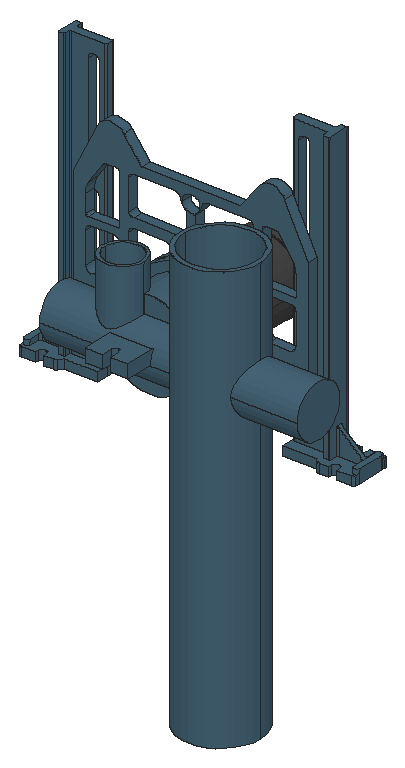
Revit family "Carrier_Closet_Offset_Vertical-Zurn-Z1209N", category Plumbing Fixtures, Revit 2022
Family settings
  Round Connector Dimension = Use Radius
  Part Type = Normal
  OmniClass Number = 23.45.55.11
  OmniClass Title = Sanitary Components
  Work Plane-Based = No
  Always vertical = Yes
  Cut with Voids When Loaded = No
  Maintain Annotation Orientation = No
  Shared = No
  Room Calculation Point = No
Parameters (values of type "Z1209-NR4")
  Width = 18.875"
  Waste Connection = 1 = 1  # yes
  WFU = 1  # constant formula
  Vertical Offset Pipe_NR4 = yes
  Vertical Offset Pipe_NL4 = no
  Vent_NR4 = yes
  Vent_NL4 = no
  Vent Pipe Radius (Nominal) = 1.000"
  Vent Connection = 1 = 0  # no
  URL = "www.zurn.com"
  Type Comments = ""
  Rough_in Height [instance] = if(Enter_Rough_in Height > 9.500", 9.500", if(Enter_Rough_in Height < 4.500", 4.500", Enter_Rough_in Height))  # 5.000"
  Product data url = "https://www.bimobject.com/en/zurnindustries/product/zurn-z1209"
  Product Page URL = "https://www.zurn.com/products/drainage-interceptors/carriers-fixture-supports/water-closet-toilet-carriers/z1209"
  Product Installation Sheet URL = "https://files.zurn.com/care-cleaning-install-warranty-sheets/c17.pdf"
  Product Documentation Link = "https://files.zurn.com/spec-sheets/z1209-n.pdf"
  Outlet Pipe Radius (Outer) = 2.250"
  Outlet Pipe Radius (Nominal) = 2.000"
  Outlet Pipe Radius (Inside) = 2.013"
  Modified Date = "11/07/2025"  # constant formula
  Model lines_NR4 = yes
  Model Lines_NL4 = no
  Model = "Z1209-N"  # constant formula
  Masking region_NR4 = yes
  Masking region_NL4 = no
  Manufacurer Brand = "Zurn"  # constant formula
  Manufacturer = "Zurn Water, LLC"  # constant formula
  Main Material = Iron - Zurn - Cast - Painted - Blue
  Horizontal Pipe_NR4 = yes
  Horizontal Pipe_NL4 = no
  Height = 16.750"
  HWFU = 0  # constant formula
  HW Connection = 1 = 0  # no
  Enter_Rough_in Height [instance] = 5.000"
  Enter_P_Coupling Length [instance] = 5.000"
  Vent Pipe Radius (Inside) = 1.034"
  Vent Pipe Radius (Outer) = 1.188"
  Dimension - B = 24.000"
  Diemsion - N = 6.750"
  Diemsion - E = 3.750"
  Description = "VERTICAL OFFSET SIPHON JET WATER CLOSET SUPPORT SYSTEM NO-HUB SERIES"  # constant formula
  Default Elevation = 2.375"
  Date Created = "01/12/2017"  # constant formula
  Coupling_Length (P) [instance] = if(Enter_P_Coupling Length < 4.000", 4.000", if(Enter_P_Coupling Length > 5.125", 5.125", Enter_P_Coupling Length))  # 5.000"
  Coupling Radius = 2.000"  # constant formula
  Coupling Material = ABS - Zurn - Plastic
  CWFU = 0  # constant formula
  CW Connection = 1 = 0  # no
  Assembly Code = ""
  Approx. Weight (Lbs) = 67.000"
Reference planes (in)
  plane 1 "Center (Front/Back)": y = 0
  plane 2: z = 0
  plane 3 "Center (Left/Right)": x = 0
  plane 4: z = 16.75
  plane 5: z = 1
  plane 6: z = 16.75
  plane 7: x = 9.51067
  plane 8: x = -9.4375
  plane 9: x = 9.4375
  plane 10: z = 16.75
  plane 11: z = 1
  plane 12: z = 16.75
  plane 13: x = -9.51067
  plane 14: z = 1.25
  plane 15: x = 7.3375
  plane 16: x = 10.1175
  plane 17: z = 2.25
  plane 18: z = 2.25
  plane 19: z = 15.75
  plane 20: x = -5.9225
  plane 21: x = 5.9375
  plane 22: x = -5.2375
  plane 23: z = 10.1875
  plane 24: z = 8.9375
  plane 25: z = 9.5625
  plane 26: z = 15.75
  plane 27: x = 5.9225
  plane 28: x = -5.9375
  plane 29: x = 5.2375
  plane 30: z = 10.1875
  plane 31: z = 8.9375
  plane 32: z = 9.5625
  plane 33: y = 0.25
  plane 34: y = -0.25
  plane 35: y = 0.125
  plane 36: z = 16.75
  plane 37: z = 10.1875
  plane 38: x = -4.5
  plane 39: x = 4.5
  plane 40: z = 11.6875
  plane 41: x = -5.2375
  plane 42: x = 5.2375
  plane 43: x = -3.8625
  plane 44: x = 2.60138
  plane 45 "Horizontal Mid Plane": z = 5
  plane 46: z = 12.5
  plane 47: z = 1.875
  plane 48: z = 3.37538
  plane 49: x = -2.7809
  plane 50: x = 2.7809
  plane 51: x = 6.63045
  plane 52: x = -6.63045
  plane 53: z = 1.68766
  plane 54: x = -1
  plane 55: x = 1
  plane 56: z = 1.08788
  plane 57: z = 10.8125
  plane 58: z = 11.1875
  plane 59: x = -3.5
  plane 60: x = 3.5
  plane 61: x = 3.0625
  plane 62: z = 1.625
  plane 63: y = 1
  plane 64: x = 2.1875
  plane 65: y = 5
  plane 66: y = 4.25
  plane 67: y = 5
  plane 68: x = -1.5
  plane 69: x = -1.5
  plane 70: x = 1.5
  plane 71: x = -2.1875
  plane 72: x = 3.5
  plane 73: y = 1.15625
  plane 74: y = -1.15625
  plane 75: z = 9.0625
  plane 76: z = -12.6875
  plane 77: y = -0.729
  plane 78: y = -2
  plane 79: z = 9
  plane 80: z = 3.20154
  plane 81: z = 6
  plane 82 "yy": y = -6.5
  plane 83: z = 5.75
  plane 84: x = -1.1875
  plane 85: x = 1.1875
  plane 86: z = 0.75
  plane 87: y = -2
  plane 88 "N Plane for N32": y = -6
  plane 89: y = -7.375
  plane 90 "B & H Plane": z = 11.3125
  plane 91: y = 0
  plane 92: z = 5.1875
  plane 93 "N Plane for N42": y = -2.25
  plane 94: y = 2.25
  plane 95: y = 1.188
  plane 96: y = -1.188
  plane 97: x = -2.3125
  plane 98: x = 2.3125
  plane 99 "X Plane": z = 7
  plane 100: z = 3
  plane 101: x = 1.188
  plane 102: x = -1.188
  plane 103 "MIDD": y = -3.75
  plane 104: x = -2.81065
  plane 105: x = 2.60138
  plane 106: x = 1.188
  plane 107: x = -1.188
  plane 108: x = -2.25
  plane 109: x = 2.25
  plane 110 "C PLANE": x = -1.188
  plane 111 "C PLANE-2": x = 1.188
  plane 112 "Plane for stand": y = -9.75
  plane 113: y = -1.35038
  plane 114: y = -8.75
  plane 115: y = -6.75
  plane 116: y = -7.92742
  plane 117: y = -6.68399
  plane 118: x = -1.74852
  plane 119: x = 1.75
  plane 120: x = 3.02717
  plane 121: x = -2.59708
  plane 122: x = -3
  plane 123: y = -18.49644
  plane 124: y = -4.938
  plane 125: z = 11.3125
  plane 126: z = 11.8125
  plane 127: z = 14.3125
  plane 128: y = -0.938
  plane 129: x = 6.57627
  plane 130 "Offset Plane": x = 4
  plane 131 "New Plane 1": x = 9.5
  plane 132 "New Plane 2": x = -5
  plane 133: y = -5.75
  plane 134: y = 3.95924
  plane 135 "Vent Plane": x = -1.5
  plane 136: x = 6.25
  plane 137 "Offset R plane": x = -3.99926
  plane 138: x = 5
  plane 139: x = 5
  plane 140: x = -9.5
  plane 141: x = -2.688
  plane 142: x = -0.312
  plane 143: x = 0.312
  plane 144: x = 2.688
  plane 145 "Vent Plane _L4": x = 1.5
  plane 146: y = -1.5
  plane 147: y = -2.562
  plane 148: y = -1.5
  plane 149: x = -6.25
  plane 150: z = 11.3125
Forms (in)
  Sweep 1, solid, material "Iron - Zurn - Cast - Painted - Blue" <- "Main Material", detail levels fine
    path origin (17.7625, 0, 0) x (1, 0, 0) y (0, 0, 1)
      loop
        line (-23, 0) -> (-23, 0.5)
    profile origin (-5.2375, 0, 0.25) x (-1, 0, 0) y (0, -1, 0)
      loop
        arc (4.2, 1.06445) -> (4.1328, 1.13165) -> (4.04099, 1.15625) r 0.1836
        line (4.04099, 1.15625) -> (3.24597, 1.15625) -> (3.24597, 0.99724)
        arc (3.24597, 0.99724) -> (3.00746, 0.75874) -> (2.76895, 0.99724) r 0.23851
        line (2.76895, 0.99724) -> (2.76895, 1.15625) -> (2.24328, 1.15625)
        arc (2.24328, 1.15625) -> (2.14359, 1.13481) -> (2.05724, 1.08056) r 0.29363
        line (2.05724, 1.08056) -> (1.90806, 0.82159) -> (0, 0.82159) -> (0, -0.93138) -> (1.90806, -0.93138) -> (2.05724, -1.08056)
        arc (2.05724, -1.08056) -> (2.14359, -1.13481) -> (2.24328, -1.15625) r 0.29363
        line (2.24328, -1.15625) -> (2.76895, -1.15625) -> (2.76895, -0.79503)
        arc (2.76895, -0.79503) -> (3.00746, -0.55652) -> (3.24597, -0.79503) r 0.23851
        line (3.24597, -0.79503) -> (3.24597, -1.15625) -> (4.04099, -1.15625)
        arc (4.04099, -1.15625) -> (4.15343, -1.10968) -> (4.2, -0.99724) r 0.15901
        line (4.2, -0.99724) -> (4.2, 1.06445)
  Sweep 2, solid, material "Iron - Zurn - Cast - Painted - Blue" <- "Main Material", detail levels fine
    path origin (-17.68933, 0, 0) x (-1, 0, 0) y (0, 0, -1)
      loop
        line (-23, 0) -> (-23, -16.75)
    profile origin (5.31067, 0, 8.375) x (-1, 0, 0) y (0, -1, 0)
      loop
        line (14.74817, 0) -> (14.74817, 0.77375)
        arc (14.74817, 0.77375) -> (14.57914, 0.94278) -> (14.41011, 0.77375) r 0.16903
        line (14.41011, 0.77375) -> (14.41011, 0.25284)
        arc (14.41011, 0.25284) -> (14.37267, 0.16244) -> (14.28227, 0.125) r 0.12784
        line (14.28227, 0.125) -> (13.05094, 0.125)
        arc (13.05094, 0.125) -> (12.98255, 0.15333) -> (12.95422, 0.22172) r 0.09672
        line (12.95422, 0.22172) -> (12.95422, 0.59656)
        arc (12.95422, 0.59656) -> (12.94432, 0.62047) -> (12.92041, 0.63037) r 0.03382
        line (12.92041, 0.63037) -> (12.64419, 0.63037)
        arc (12.64419, 0.63037) -> (12.60743, 0.61515) -> (12.59221, 0.5784) r 0.05198
        line (12.59221, 0.5784) -> (12.59221, 0.30224)
        arc (12.59221, 0.30224) -> (12.57691, 0.2653) -> (12.53997, 0.25) r 0.05224
        line (12.53997, 0.25) -> (10.65799, 0.25)
        arc (10.65799, 0.25) -> (10.58033, 0.21783) -> (10.54817, 0.14018) r 0.10982
        line (10.54817, 0.14018) -> (10.54817, 0) -> (10.54817, -0.17683)
        arc (10.54817, -0.17683) -> (10.5696, -0.22857) -> (10.62133, -0.25) r 0.07317
        line (10.62133, -0.25) -> (12.53997, -0.25)
        arc (12.53997, -0.25) -> (12.57691, -0.2653) -> (12.59221, -0.30224) r 0.05224
        line (12.59221, -0.30224) -> (12.59221, -0.5784)
        arc (12.59221, -0.5784) -> (12.60743, -0.61515) -> (12.64419, -0.63037) r 0.05198
        line (12.64419, -0.63037) -> (12.92041, -0.63037)
        arc (12.92041, -0.63037) -> (12.94432, -0.62047) -> (12.95422, -0.59656) r 0.03382
        line (12.95422, -0.59656) -> (12.95422, -0.22172)
        arc (12.95422, -0.22172) -> (12.98255, -0.15333) -> (13.05094, -0.125) r 0.09672
        line (13.05094, -0.125) -> (14.30998, -0.125)
        arc (14.30998, -0.125) -> (14.35466, -0.14351) -> (14.37317, -0.18819) r 0.06319
        line (14.37317, -0.18819) -> (14.37317, -0.76369)
        arc (14.37317, -0.76369) -> (14.56067, -0.95119) -> (14.74817, -0.76369) r 0.1875
        line (14.74817, -0.76369) -> (14.74817, 0)
  Sweep 3, solid, material "Iron - Zurn - Cast - Painted - Blue" <- "Main Material", detail levels fine
    path origin (-17.7625, 0, 0) x (-1, 0, 0) y (0, 0, -1)
      loop
        line (-23, 0) -> (-23, -0.5)
    profile origin (5.2375, 0, 0.25) x (-1, 0, 0) y (0, -1, 0)
      loop
        line (-4.2, 1.06445) -> (-4.2, -0.99724)
        arc (-4.2, -0.99724) -> (-4.15343, -1.10968) -> (-4.04099, -1.15625) r 0.15901
        line (-4.04099, -1.15625) -> (-3.24597, -1.15625) -> (-3.24597, -0.99724)
        arc (-3.24597, -0.99724) -> (-3.00746, -0.75874) -> (-2.76895, -0.99724) r 0.23851
        line (-2.76895, -0.99724) -> (-2.76895, -1.15625) -> (-2.24328, -1.15625)
        arc (-2.24328, -1.15625) -> (-2.14359, -1.13481) -> (-2.05724, -1.08056) r 0.29363
        line (-2.05724, -1.08056) -> (-1.90806, -0.93138) -> (0, -0.93138) -> (0, 0.93138) -> (-1.90806, 0.93138) -> (-2.05724, 1.08056)
        arc (-2.05724, 1.08056) -> (-2.14359, 1.13481) -> (-2.24328, 1.15625) r 0.29363
        line (-2.24328, 1.15625) -> (-2.76895, 1.15625) -> (-2.76895, 0.99724)
        arc (-2.76895, 0.99724) -> (-3.00746, 0.75874) -> (-3.24597, 0.99724) r 0.23851
        line (-3.24597, 0.99724) -> (-3.24597, 1.15625) -> (-4.04099, 1.15625)
        arc (-4.04099, 1.15625) -> (-4.1328, 1.13165) -> (-4.2, 1.06445) r 0.1836
  Sweep 4, solid, material "Iron - Zurn - Cast - Painted - Blue" <- "Main Material", detail levels fine
    path origin (17.68933, 0, 0) x (1, 0, 0) y (0, 0, 1)
      loop
        line (-23, 0) -> (-23, 16.75)
    profile origin (-5.31067, 0, 8.375) x (-1, 0, 0) y (0, -1, 0)
      loop
        line (-14.74817, 0) -> (-14.74817, -0.76369)
        arc (-14.74817, -0.76369) -> (-14.56067, -0.95119) -> (-14.37317, -0.76369) r 0.1875
        line (-14.37317, -0.76369) -> (-14.37317, -0.18819)
        arc (-14.37317, -0.18819) -> (-14.35466, -0.14351) -> (-14.30998, -0.125) r 0.06319
        line (-14.30998, -0.125) -> (-13.05094, -0.125)
        arc (-13.05094, -0.125) -> (-12.98255, -0.15333) -> (-12.95422, -0.22172) r 0.09672
        line (-12.95422, -0.22172) -> (-12.95422, -0.59656)
        arc (-12.95422, -0.59656) -> (-12.94432, -0.62047) -> (-12.92041, -0.63037) r 0.03382
        line (-12.92041, -0.63037) -> (-12.64419, -0.63037)
        arc (-12.64419, -0.63037) -> (-12.60743, -0.61515) -> (-12.59221, -0.5784) r 0.05198
        line (-12.59221, -0.5784) -> (-12.59221, -0.30224)
        arc (-12.59221, -0.30224) -> (-12.57691, -0.2653) -> (-12.53997, -0.25) r 0.05224
        line (-12.53997, -0.25) -> (-10.62133, -0.25)
        arc (-10.62133, -0.25) -> (-10.5696, -0.22857) -> (-10.54817, -0.17683) r 0.07317
        line (-10.54817, -0.17683) -> (-10.54817, 0) -> (-10.54817, 0.14018)
        arc (-10.54817, 0.14018) -> (-10.58033, 0.21783) -> (-10.65799, 0.25) r 0.10982
        line (-10.65799, 0.25) -> (-12.53997, 0.25)
        arc (-12.53997, 0.25) -> (-12.57691, 0.2653) -> (-12.59221, 0.30224) r 0.05224
        line (-12.59221, 0.30224) -> (-12.59221, 0.5784)
        arc (-12.59221, 0.5784) -> (-12.60743, 0.61515) -> (-12.64419, 0.63037) r 0.05198
        line (-12.64419, 0.63037) -> (-12.92041, 0.63037)
        arc (-12.92041, 0.63037) -> (-12.94432, 0.62047) -> (-12.95422, 0.59656) r 0.03382
        line (-12.95422, 0.59656) -> (-12.95422, 0.22172)
        arc (-12.95422, 0.22172) -> (-12.98255, 0.15333) -> (-13.05094, 0.125) r 0.09672
        line (-13.05094, 0.125) -> (-14.28227, 0.125)
        arc (-14.28227, 0.125) -> (-14.37267, 0.16244) -> (-14.41011, 0.25284) r 0.12784
        line (-14.41011, 0.25284) -> (-14.41011, 0.77375)
        arc (-14.41011, 0.77375) -> (-14.57914, 0.94278) -> (-14.74817, 0.77375) r 0.16903
        line (-14.74817, 0.77375) -> (-14.74817, 0)
  Extrusion 5, void
    sketch origin (0, 0, 0) x (1, 0, 0) y (0, 0, 1)
      loop
        line (7.64356, 16.75) -> (7.64356, 1.99495) -> (9.07571, 0.75) -> (10.1175, 0.75) -> (10.1175, 16.75) -> (7.64356, 16.75)
    from -1.15625 to 1.15651
  Extrusion 6, void
    sketch origin (0, 0, 0) x (-1, 0, 0) y (0, 0, -1)
      loop
        line (7.64356, -16.75) -> (10.1175, -16.75) -> (10.1175, -0.75) -> (9.09394, -0.75) -> (7.64356, -1.99495) -> (7.64356, -16.75)
    from -3.06406 to 1.15651
  Extrusion 7, void
    sketch origin (0, 0, 0) x (1, 0, 0) y (0, 0, 1)
      loop
        line (-6.235, 15.75) -> (-6.235, 10.1875)
        arc (-6.235, 10.1875) -> (-5.9225, 9.875) -> (-5.61, 10.1875) r 0.3125
        line (-5.61, 10.1875) -> (-5.61, 15.75)
        arc (-5.61, 15.75) -> (-5.9225, 16.0625) -> (-6.235, 15.75) r 0.3125
      loop
        arc (-6.235, 3.375) -> (-5.9225, 3.0625) -> (-5.61, 3.375) r 0.3125
        line (-5.61, 3.375) -> (-5.61, 8.9375)
        arc (-5.61, 8.9375) -> (-5.9225, 9.25) -> (-6.235, 8.9375) r 0.3125
        line (-6.235, 8.9375) -> (-6.235, 3.375)
    from -0.63037 to 1.15651
  Extrusion 8, void
    sketch origin (0, 0, 0) x (-1, 0, 0) y (0, 0, -1)
      loop
        arc (-6.235, -15.75) -> (-5.9225, -16.0625) -> (-5.61, -15.75) r 0.3125
        line (-5.61, -15.75) -> (-5.61, -10.1875)
        arc (-5.61, -10.1875) -> (-5.9225, -9.875) -> (-6.235, -10.1875) r 0.3125
        line (-6.235, -10.1875) -> (-6.235, -15.75)
      loop
        line (-6.235, -3.375) -> (-6.235, -8.9375)
        arc (-6.235, -8.9375) -> (-5.9225, -9.25) -> (-5.61, -8.9375) r 0.3125
        line (-5.61, -8.9375) -> (-5.61, -3.375)
        arc (-5.61, -3.375) -> (-5.9225, -3.0625) -> (-6.235, -3.375) r 0.3125
    from -0.63037 to 1.15651
  Extrusion 9, solid, material "Iron - Zurn - Cast - Painted - Blue" <- "Main Material", detail levels fine
    sketch origin (0, 0, 0) x (1, 0, 0) y (0, 0, 1)
      loop
        line (-2.7809, 11.6875) -> (-3.804, 13.0303)
        arc (-3.804, 13.0303) -> (-4.58241, 13.37111) -> (-5.2831, 12.89037) r 0.875
        line (-5.2831, 12.89037) -> (-6.63045, 10.1875) -> (-6.63045, 3.37538) -> (-3.05487, 3.37538)
        arc (-3.05487, 3.37538) -> (-2.19604, 2.32624) -> (-1, 1.68766) r 3.46
        line (-1, 1.68766) -> (-1, 1.08788) -> (1, 1.08788) -> (1, 1.68766)
        arc (1, 1.68766) -> (2.19604, 2.32624) -> (3.05487, 3.37538) r 3.46
        line (3.05487, 3.37538) -> (6.63045, 3.37538) -> (6.63045, 10.1875) -> (5.2831, 12.89037)
        arc (5.2831, 12.89037) -> (4.58241, 13.37111) -> (3.804, 13.0303) r 0.875
        line (3.804, 13.0303) -> (2.7809, 11.6875) -> (-2.7809, 11.6875)
    from 0.25 to 0.82159
  Extrusion 10, void
    sketch origin (0, 0, 0) x (1, 0, 0) y (0, 0, 1)
      loop
        circle (0, 10.8125) r 0.5
    from 0 to 0.82159
  Extrusion 11, void
    sketch origin (0, 0, 0) x (1, 0, 0) y (0, 0, 1)
      loop
        arc (-3.25, 11.1875) -> (-3.42678, 11.11428) -> (-3.5, 10.9375) r 0.25
        line (-3.5, 10.9375) -> (-3.5, 9.19494)
        arc (-3.5, 9.19494) -> (-3.42678, 9.01816) -> (-3.25, 8.94494) r 0.25
        line (-3.25, 8.94494) -> (-0.5, 8.94494)
        arc (-0.5, 8.94494) -> (-0.32322, 9.01816) -> (-0.25, 9.19494) r 0.25
        line (-0.25, 9.19494) -> (-0.25, 10.36509)
        arc (-0.25, 10.36509) -> (-0.51673, 10.65947) -> (-0.65305, 11.03259) r 1.03592
        arc (-0.65305, 11.03259) -> (-0.76954, 11.14609) -> (-0.92682, 11.1875) r 0.31937
        line (-0.92682, 11.1875) -> (-3.25, 11.1875)
      loop
        line (3.25, 11.1875) -> (0.92682, 11.1875)
        arc (0.92682, 11.1875) -> (0.76954, 11.14609) -> (0.65305, 11.03259) r 0.31937
        arc (0.65305, 11.03259) -> (0.51673, 10.65947) -> (0.25, 10.36509) r 1.03592
        line (0.25, 10.36509) -> (0.25, 9.19494)
        arc (0.25, 9.19494) -> (0.32322, 9.01816) -> (0.5, 8.94494) r 0.25
        line (0.5, 8.94494) -> (3.25, 8.94494)
        arc (3.25, 8.94494) -> (3.42678, 9.01816) -> (3.5, 9.19494) r 0.25
        line (3.5, 9.19494) -> (3.5, 10.9375)
        arc (3.5, 10.9375) -> (3.42678, 11.11428) -> (3.25, 11.1875) r 0.25
      loop
        line (4, 10.97357) -> (4, 8.125) -> (5.9375, 8.125) -> (5.9375, 9.26778)
        arc (5.9375, 9.26778) -> (5.87965, 9.64366) -> (5.71144, 9.98475) r 1.25
        line (5.71144, 9.98475) -> (4.94391, 11.08089)
        arc (4.94391, 11.08089) -> (4.85456, 11.15925) -> (4.73912, 11.1875) r 0.25
        line (4.73912, 11.1875) -> (4.21393, 11.1875)
        arc (4.21393, 11.1875) -> (4.06266, 11.12484) -> (4, 10.97357) r 0.21393
      loop
        arc (-3.99926, 10.97357) -> (-4.06192, 11.12484) -> (-4.21319, 11.1875) r 0.21393
        line (-4.21319, 11.1875) -> (-4.73912, 11.1875)
        arc (-4.73912, 11.1875) -> (-4.85456, 11.15925) -> (-4.94391, 11.08089) r 0.25
        line (-4.94391, 11.08089) -> (-5.71144, 9.98475)
        arc (-5.71144, 9.98475) -> (-5.87965, 9.64366) -> (-5.9375, 9.26778) r 1.25
        line (-5.9375, 9.26778) -> (-5.9375, 8.24926)
        arc (-5.9375, 8.24926) -> (-5.90089, 8.16087) -> (-5.8125, 8.12426) r 0.125
        line (-5.8125, 8.12426) -> (-3.99926, 8.12426) -> (-3.99926, 10.97357)
      loop
        line (-3.5, 8.19494) -> (-3.5, 6.3744)
        arc (-3.5, 6.3744) -> (-3.43909, 6.22735) -> (-3.29205, 6.16644) r 0.20795
        line (-3.29205, 6.16644) -> (-3.06674, 6.16644)
        arc (-3.06674, 6.16644) -> (-2.91657, 6.21061) -> (-2.81065, 6.32586) r 0.29267
        arc (-2.81065, 6.32586) -> (-2.19195, 7.1595) -> (-1.26847, 7.63377) r 2.28719
        arc (-1.26847, 7.63377) -> (-1.15787, 7.75228) -> (-1.11773, 7.90933) r 0.32722
        line (-1.11773, 7.90933) -> (-1.11773, 8.11898)
        arc (-1.11773, 8.11898) -> (-1.2256, 8.34324) -> (-1.45272, 8.44494) r 0.36214
        line (-1.45272, 8.44494) -> (-3.25, 8.44494)
        arc (-3.25, 8.44494) -> (-3.42678, 8.37172) -> (-3.5, 8.19494) r 0.25
      loop
        arc (3.5, 8.19494) -> (3.42678, 8.37172) -> (3.25, 8.44494) r 0.25
        line (3.25, 8.44494) -> (1.45272, 8.44494)
        arc (1.45272, 8.44494) -> (1.2256, 8.34324) -> (1.11773, 8.11898) r 0.36214
        line (1.11773, 8.11898) -> (1.11773, 7.90933)
        arc (1.11773, 7.90933) -> (1.15787, 7.75228) -> (1.26847, 7.63377) r 0.32722
        arc (1.26847, 7.63377) -> (2.19195, 7.1595) -> (2.81065, 6.32586) r 2.28719
        arc (2.81065, 6.32586) -> (2.91657, 6.21061) -> (3.06674, 6.16644) r 0.29267
        line (3.06674, 6.16644) -> (3.29205, 6.16644)
        arc (3.29205, 6.16644) -> (3.43909, 6.22735) -> (3.5, 6.3744) r 0.20795
        line (3.5, 6.3744) -> (3.5, 8.19494)
      loop
        arc (-5.58933, 7.74926) -> (-5.82117, 7.65322) -> (-5.91721, 7.42138) r 0.32788
        line (-5.91721, 7.42138) -> (-5.91721, 5.67274)
        arc (-5.91721, 5.67274) -> (-5.81196, 5.41753) -> (-5.55697, 5.31176) r 0.36024
        line (-5.55697, 5.31176) -> (-4.34636, 5.31176)
        arc (-4.34636, 5.31176) -> (-4.10668, 5.41104) -> (-4.0074, 5.65072) r 0.33896
        line (-4.0074, 5.65072) -> (-4.0074, 7.38024)
        arc (-4.0074, 7.38024) -> (-4.11549, 7.64118) -> (-4.37642, 7.74926) r 0.36901
        line (-4.37642, 7.74926) -> (-5.58933, 7.74926)
      loop
        line (5.58933, 7.75) -> (4.37642, 7.75)
        arc (4.37642, 7.75) -> (4.11601, 7.64214) -> (4.00815, 7.38173) r 0.36827
        line (4.00815, 7.38173) -> (4.00815, 5.65072)
        arc (4.00815, 5.65072) -> (4.10721, 5.41156) -> (4.34636, 5.3125) r 0.33822
        line (4.34636, 5.3125) -> (5.55697, 5.3125)
        arc (5.55697, 5.3125) -> (5.81169, 5.41801) -> (5.91721, 5.67274) r 0.36024
        line (5.91721, 5.67274) -> (5.91721, 7.42212)
        arc (5.91721, 7.42212) -> (5.82117, 7.65397) -> (5.58933, 7.75) r 0.32788
      loop
        circle (0, 8.375) r 0.3125
      loop
        circle (3.0625, 5) r 0.25
      loop
        circle (-3.0625, 5) r 0.25
      loop
        circle (0, 1.625) r 0.3125
      loop
        circle (0, 5) r 2.75
    from -0.93138 to 1.8997
  Revolve 12, solid, material "Iron - Zurn - Cast - Painted - Blue" <- "Main Material", detail levels fine
    sketch origin (0, 0, 5) x (-1, 0, 0) y (0, -1, 0)
      loop
        line (-2.1875, -1) -> (-2.10138, -1) -> (-2.65029, 0.68938) -> (-2.73641, 0.68938) -> (-2.1875, -1)
      axis (0, -1) -> (0, 0.68938)
    angle from 0 to 360
  Revolve 13, solid, material "ABS - Zurn - Plastic" <- "Coupling Material", detail levels fine
    sketch origin (0, 0, 5) x (-1, 0, 0) y (0, -1, 0)
      loop
        line (1.89768, -0.25327) -> (1.89768, -5) -> (2.3125, -5) -> (2.24688, -4.25) -> (2.1875, -4.25) -> (2.1875, -0.25327) -> (1.89768, -0.25327)
      axis (0, -5) -> (0, -0.25327)
    angle from 0 to 360
  Extrusion 14, solid, material "Iron - Zurn - Cast - Painted - Blue" <- "Main Material", visible <- "Vertical Offset Pipe_NR4", detail levels fine
    sketch origin (0, 0, 0) x (1, 0, 0) y (0, 1, 0)
      loop
        circle (4, -3.75) r 2.013
      loop
        circle (4, -3.75) r 2.25
    from -12.6875 to 11.3125
  Extrusion 15, solid, material "Iron - Zurn - Cast - Painted - Blue" <- "Main Material", detail levels fine
    sketch origin (0, 0, 0) x (1, 0, 0) y (0, 0, 1)
      loop
        circle (0, 5) r 3
    from 0.64992 to 1.35038
  Extrusion 16, solid, material "Iron - Zurn - Cast - Painted - Blue" <- "Main Material", detail levels fine
    sketch origin (0, 0, 0) x (1, 0, 0) y (0, 1, 0)
      loop
        line (-1.1875, -4.63394) -> (-1.1875, -6.75) -> (-0.21046, -6.75) -> (-0.21046, -6.18399)
        arc (-0.21046, -6.18399) -> (0, -5.97353) -> (0.21046, -6.18399) r 0.21046
        line (0.21046, -6.18399) -> (0.21046, -6.75) -> (1.1875, -6.75) -> (1.1875, -4.63394) -> (-1.1875, -4.63394)
    from 5.75 to 5
  Extrusion 17, solid, material "Iron - Zurn - Cast - Painted - Blue" <- "Main Material", visible <- "Vent_NR4", detail levels fine
    sketch origin (0, -5.74975, -12.6875) x (1, 0, 0) y (0, -1, 0)
      loop
        circle (-1.5, -1.99975) r 1.188
      loop
        circle (-1.5, -1.99975) r 1.034
    from -21.75 to -17.6875
  Extrusion 18, solid, material "Iron - Zurn - Cast - Painted - Blue" <- "Main Material", visible <- "Horizontal Pipe_NR4", detail levels fine
    sketch origin (0, 0, 0) x (0, 1, 0) y (0, 0, 1)
      loop
        circle (-3.75, 5) r 1.46875
    from -5 to 9.5
  Extrusion 19, solid, material "Iron - Zurn - Cast - Painted - Blue" <- "Main Material", detail levels fine
    sketch origin (-15.25, -3.75, 48) x (-1, 0, 0) y (0, 0, 1)
      loop
        circle (-15.25, -43) r 2.5
    from 0 to 2.89962
  Extrusion 20, solid, material "Iron - Zurn - Cast - Painted - Blue" <- "Main Material", visible <- "Vertical Offset Pipe_NL4", detail levels fine
    sketch origin (0, 0, 0) x (-1, 0, 0) y (0, -1, 0)
      loop
        circle (3.99926, 3.75) r 2.013
      loop
        circle (3.99926, 3.75) r 2.25
    from -12.6875 to 11.3125
  Extrusion 21, solid, material "Iron - Zurn - Cast - Painted - Blue" <- "Main Material", visible <- "Vent_NL4", detail levels fine
    sketch origin (0, -5.74975, -12.6875) x (1, 0, 0) y (0, -1, 0)
      loop
        circle (1.5, -1.99975) r 1.188
      loop
        circle (1.5, -1.99975) r 1.034
    from -21.25 to -17.1875
  Extrusion 22, solid, material "Iron - Zurn - Cast - Painted - Blue" <- "Main Material", visible <- "Horizontal Pipe_NL4", detail levels fine
    sketch origin (0, 0, 0) x (0, 1, 0) y (0, 0, -1)
      loop
        circle (-3.75, -5) r 1.46875
    from -5 to 9.5
Cuts and joins
  Extrusion 5, Extrusion 6 cuts Sweep 3
  Extrusion 5, Extrusion 6, Extrusion 8 cuts Sweep 4
  Extrusion 6, Extrusion 7, Extrusion 8 cuts Sweep 2
  Extrusion 10, Extrusion 11 cuts Extrusion 9
Lines and regions (in)
  Masking region 1, detail levels fine
    outline origin (0, 0, -11.187) x (1, 0, 0) y (0, 1, 0)
      loop
        line (-1.1875, -5.66111) -> (-1.1875, -6.75) -> (-0.21046, -6.75) -> (-0.21046, -6.18399)
        arc (-0.21046, -6.18399) -> (0, -5.97353) -> (0.21046, -6.18399) r 0.21046
        line (0.21046, -6.18399) -> (0.21046, -6.75) -> (1.45272, -6.75) -> (1.45272, -5.6068)
        arc (1.45272, -5.6068) -> (1.62501, -5.45805) -> (1.78215, -5.29338) r 2.35756
        line (1.78215, -5.29338) -> (5, -5.29338) -> (5, -2.27847) -> (2.49962, -2.27847) -> (2.49962, -1.35038) -> (3.02717, -1.35038) -> (3.02717, -0.82159) -> (5.2375, -0.82159) -> (5.2375, -1.15625) -> (9.4375, -1.15625) -> (9.4375, 1.15625) -> (5.2375, 1.15625) -> (5.2375, -0.25) -> (2.60138, -0.25) -> (2.60138, 5) -> (-2.81065, 5) -> (-2.81065, -0.25) -> (-5.2375, -0.25) -> (-5.2375, 1.15625) -> (-9.4375, 1.15625) -> (-9.4375, -1.15625) -> (-5.2375, -1.15625) -> (-5.2375, -0.82159) -> (-3, -0.82159) -> (-3, -1.35038) -> (-2.5, -1.35038) -> (-2.5, -2.28125) -> (-5, -2.28125) -> (-5, -5.21884) -> (-1.70441, -5.21884)
        arc (-1.70441, -5.21884) -> (-1.46277, -5.45962) -> (-1.1875, -5.66111) r 2.25
  Masking region 2, visible <- "Masking region_NL4", detail levels fine
    outline origin (0, -38.188, 11.3125) x (0, -1, 0) y (1, 0, 0)
      loop
        line (-35.90675, -9.5) -> (-32.96925, -9.5) -> (-32.96925, -5.70366)
        arc (-32.96925, -5.70366) -> (-32.18674, -3.99976) -> (-32.96849, -2.29551) r 2.24746
        arc (-32.96849, -2.29551) -> (-35.37422, -1.95539) -> (-36.68794, -3.99926) r 2.25126
        arc (-36.68794, -3.99926) -> (-36.48334, -4.93671) -> (-35.90675, -5.70366) r 2.24994
        line (-35.90675, -5.70366) -> (-35.90675, -9.5)
  Masking region 3, visible <- "Masking region_NR4", detail levels fine
    outline origin (0, -38.188, 11.3125) x (0, -1, 0) y (1, 0, 0)
      loop
        arc (-35.90656, 5.70465) -> (-34.43813, 1.75) -> (-32.96925, 5.70449) r 2.25
        line (-32.96925, 5.70449) -> (-32.96925, 9.5) -> (-35.90656, 9.5) -> (-35.90656, 5.70465)
  model lines, detail levels coarse+medium
    curve 1: line (0, 5, 5) -> (0, -3.75, 5)
    curve 2: line (2.3125, 5, 5) -> (-2.1875, 5, 5)
    curve 3: line (0, 5, 7) -> (0, 5, 3)
    curve 4: line (0, 0, 5) -> (0, -3.75, 5)
  model lines, not visible, detail levels coarse+medium
    curve 5: line (-1.188, -3.75, 11.3125) -> (1.188, -3.75, 11.3125)
  symbolic lines, not visible, detail levels coarse+medium
    curve 6: line (0, -0.938, 11.3125) -> (0, -1.188, 11.3125)
  model lines, visible <- "Model lines_NR4", detail levels coarse+medium
    curve 7: line (-1.5, -3.75, 9.0625) -> (-1.5, -3.75, 5)
    curve 11: line (4, -3.75, -12.6875) -> (4, -3.75, 11.3125)
    curve 12: line (4, -6, -12.6875) -> (4, -1.5, -12.6875)
    curve 13: line (1.75, -3.75, -12.6875) -> (6.25, -3.75, -12.6875)
    curve 14: line (4, -1.5, 11.3125) -> (4, -6, 11.3125)
    curve 15: line (1.75, -3.75, 11.3125) -> (6.25, -3.75, 11.3125)
    curve 16: line (-2.688, -3.75, 9.0625) -> (-0.312, -3.75, 9.0625)
    curve 17: line (-1.5, -2.562, 9.0625) -> (-1.5, -4.938, 9.0625)
    curve 23: line (-5, -3.75, 5) -> (9.5, -3.75, 5)
  model lines, visible <- "Model Lines_NL4", detail levels coarse+medium
    curve 8: line (-3.99926, -3.75, -12.6875) -> (-3.99926, -3.75, 11.3125)
    curve 9: line (-9.5, -3.75, 5) -> (5, -3.75, 5)
    curve 10: line (1.5, -3.75, 9.0625) -> (1.5, -3.75, 5)
    curve 18: line (-6.25, -3.75, -12.6875) -> (-1.74852, -3.75, -12.6875)
    curve 19: line (-3.99926, -1.5, -12.6875) -> (-3.99926, -6, -12.6875)
    curve 20: line (-3.99926, -1.5, 11.3125) -> (-3.99926, -6, 11.3125)
    curve 21: line (0.312, -3.75, 9.0625) -> (2.688, -3.75, 9.0625)
    curve 22: line (1.5, -4.938, 9.0625) -> (1.5, -2.562, 9.0625)
  model lines, visible <- "Model Lines_NL4"
    curve 24: line (-6.25, -3.75, 11.3125) -> (-1.74852, -3.75, 11.3125)
Dimensions and locks (in)
  plane 4 to level = 16.750"
  plane 5 to level = 1.000"
  Sweep 2 sketch curve to profile plane = 0.250"  (x2)
  profile plane to plane 7 = 4.200"
  Sweep 2 sketch curve to Sweep 2 sketch curve = 0.36202"
  equal spacing: Sweep 2 sketch curve, profile plane, Sweep 2 sketch curve  (x2)
  Sweep 2 sketch curve to profile plane = 0.125"
  equal spacing: plane 9, plane 3 "Center (Left/Right)", plane 8
  plane 3 "Center (Left/Right)" to plane 8 = 9.4375"
  Sweep 4 sketch curve to profile plane = 0.250"  (x2)
  plane 13 to profile plane = 4.200"
  Sweep 4 sketch curve to Sweep 4 sketch curve = 0.36202"
  equal spacing: Sweep 4 sketch curve, profile plane, Sweep 4 sketch curve  (x2)
  Sweep 4 sketch curve to profile plane = 0.125"
  plane 14 to level = 1.250"
  plane 9 to plane 15 = 2.100"
  plane 16 to plane 9 = 0.680"
  plane 17 to level = 2.250"
  cut or joined group of Sweep 2, Extrusion 6, Extrusion 7, Extrusion 8 to plane 19 = 1.000"
  plane 22 to plane 20 = 0.685"
  plane 23 to plane 24 = 1.250"
  plane 29 to plane 27 = 0.685"
  plane 31 to plane 30 = 1.250"
  "Height": plane 36 to level
  plane 36 to plane 37 = 6.5625"
  equal spacing: plane 38, plane 3 "Center (Left/Right)", plane 39
  locked: plane 38 to plane 39 at 9
  plane 40 to plane 37 = 1.500"
  plane 41 to plane 43 = 1.375"
  plane 47 to level = 1.875"  (x2)
  "Width": plane 9 to plane 8
  "Rough_in Height": plane 45 "Horizontal Mid Plane" to level
  locked: plane 46 to plane 45 "Horizontal Mid Plane" at 7.5
  plane 46 to Extrusion 9 sketch curve = 0.8125"
  plane 45 "Horizontal Mid Plane" to plane 48 = 1.62462"  (x2)
  equal spacing: plane 50, plane 3 "Center (Left/Right)", plane 49
  locked: plane 40 to plane 45 "Horizontal Mid Plane" at 6.6875
  plane 48 to plane 47 = 1.50038"
  locked: plane 40 to Extrusion 9 sketch curve at 1.5
  locked: plane 40 to plane 37 at 1.5
  Extrusion 9 sketch curve to plane 48 = 6.81212"
  plane 45 "Horizontal Mid Plane" to plane 47 = 3.125"
  plane 40 to plane 48 = 8.31212"
  plane 48 to plane 53 = 1.68772"
  plane 46 to plane 47 = 10.625"
  plane 40 to plane 47 = 9.8125"
  locked: plane 45 "Horizontal Mid Plane" to plane 56 at 3.91212
  locked: plane 45 "Horizontal Mid Plane" to plane 53 at 3.31234
  plane 40 to plane 57 = 0.875"
  plane 3 "Center (Left/Right)" to Extrusion 11 sketch curve = 0.250"
  plane 40 to plane 58 = 0.500"
  plane 3 "Center (Left/Right)" to plane 59 = 3.500"
  plane 60 to plane 3 "Center (Left/Right)" = 3.500"
  Extrusion 11 sketch curve to plane 39 = 1.4375"
  Extrusion 11 sketch curve to Extrusion 11 sketch curve = 2.4375"
  plane 61 to plane 3 "Center (Left/Right)" = 3.0625"
  plane 45 "Horizontal Mid Plane" to plane 62 = 3.375"
  plane 63 to cut or joined group of Extrusion 9, Extrusion 10, Extrusion 11 = 1.250"
  plane 3 "Center (Left/Right)" to plane 64 = 2.1875"
  "Coupling_Length (P)": plane 1 "Center (Front/Back)" to plane 65
  plane 65 to plane 66 = 0.750"
  "Coupling_Length (P)": plane 1 "Center (Front/Back)" to plane 67
  locked: plane 70 to plane 69 at 3
  plane 71 to plane 3 "Center (Left/Right)" = 2.1875"
  equal spacing: plane 74, plane 1 "Center (Front/Back)", plane 73
  locked: plane 74 to plane 73 at 2.3125
  plane 77 to plane 1 "Center (Front/Back)" = 0.729"
  plane 79 to plane 45 "Horizontal Mid Plane" = 4.000"
  plane 75 to plane 45 "Horizontal Mid Plane" = 4.0625"
  plane 81 to plane 45 "Horizontal Mid Plane" = 1.000"
  plane 83 to plane 45 "Horizontal Mid Plane" = 0.750"
  equal spacing: plane 84, plane 3 "Center (Left/Right)", plane 85
  plane 84 to plane 3 "Center (Left/Right)" = 1.1875"
  plane 75 to plane 83 = 3.3125"
  plane 86 to level = 0.750"
  plane 87 to plane 77 = 1.271"
  plane 89 to plane 88 "N Plane for N32" = 1.375"
  plane 1 "Center (Front/Back)" to plane 91 = 0.000"
  plane 92 to plane 45 "Horizontal Mid Plane" = 0.1875"
  plane 90 "B & H Plane" to plane 92 = 6.125"
  "Dimension - B": plane 90 "B & H Plane" to plane 76
  equal spacing: plane 93 "N Plane for N42", plane 91, plane 94
  plane 71 to plane 97 to plane 43 = 0.125", 1.550"
  plane 44 to plane 98 to plane 70 = 0.28888", 0.8125"
  plane 97 to plane 98 = 4.625"
  equal spacing: plane 97, plane 3 "Center (Left/Right)", plane 98
  equal spacing: plane 99 "X Plane", plane 45 "Horizontal Mid Plane", plane 100
  "Coupling Radius": plane 45 "Horizontal Mid Plane" to plane 100
  plane 91 to plane 1 "Center (Front/Back)" = 0.000"
  "Vent Pipe Radius (Outer)": plane 3 "Center (Left/Right)" to plane 110 "C PLANE"
  "Vent Pipe Radius (Outer)": plane 111 "C PLANE-2" to plane 3 "Center (Left/Right)"
  locked: Extrusion 16 sketch curve to Extrusion 16 sketch curve at 0.56601  (x2)
  plane 103 "MIDD" to plane 93 "N Plane for N42" = 1.500"
  plane 114 to plane 93 "N Plane for N42" = 6.500"
  locked: plane 112 "Plane for stand" to plane 114 at 1
  locked: plane 114 to plane 88 "N Plane for N32" at 2.75
  plane 114 to Extrusion 16 sketch curve = 4.11606"
  "Vent Pipe Radius (Outer)": plane 103 "MIDD" to plane 124
  plane 103 "MIDD" to plane 88 "N Plane for N32" = 2.250"
  locked: plane 90 "B & H Plane" to plane 125
  locked: plane 126 to plane 125 at 0.5
  locked: plane 127 to plane 125 at 3
  plane 96 to plane 128 = 0.250"
  plane 125 to plane 76 = 24.000"
  plane 130 "Offset Plane" to plane 3 "Center (Left/Right)" = 4.000"  (x2)
  plane 76 to plane 125 = 24.000"
  plane 131 "New Plane 1" to plane 3 "Center (Left/Right)" = 9.500"
  plane 3 "Center (Left/Right)" to plane 132 "New Plane 2" = 5.000"
  "Diemsion - E": plane 103 "MIDD" to plane 91
  "Diemsion - N": plane 115 to plane 91
  plane 135 "Vent Plane" to plane 130 "Offset Plane" = 5.500"
  equal spacing: plane 136, plane 130 "Offset Plane", plane 119
  "Outlet Pipe Radius (Outer)": plane 130 "Offset Plane" to plane 119
  plane 137 "Offset R plane" to plane 3 "Center (Left/Right)" = 3.99926"
  plane 137 "Offset R plane" to plane 70 = 5.49926"
  locked: plane 140 to plane 70 at 11
  locked: plane 70 to plane 139 at 3.5
  equal spacing: plane 141, plane 135 "Vent Plane", plane 142
  "Vent Pipe Radius (Outer)": plane 141 to plane 135 "Vent Plane"
  plane 145 "Vent Plane _L4" to plane 137 "Offset R plane" = 5.49926"
  equal spacing: plane 143, plane 145 "Vent Plane _L4", plane 144
  "Vent Pipe Radius (Outer)": plane 145 "Vent Plane _L4" to plane 143
  equal spacing: plane 124, plane 103 "MIDD", plane 147
  plane 103 "MIDD" to plane 147 = 1.188"
  equal spacing: plane 148, plane 103 "MIDD", plane 88 "N Plane for N32"
  "Outlet Pipe Radius (Outer)": plane 103 "MIDD" to plane 88 "N Plane for N32"
  equal spacing: plane 149, plane 137 "Offset R plane", plane 118
  plane 137 "Offset R plane" to plane 118 = 2.25074"
  "Outlet Pipe Radius (Inside)": radius of Extrusion 14 sketch curve
  "Outlet Pipe Radius (Outer)": radius of Extrusion 14 sketch curve
  "Vent Pipe Radius (Outer)": radius of Extrusion 17 sketch curve
  "Vent Pipe Radius (Inside)": radius of Extrusion 17 sketch curve
  "Outlet Pipe Radius (Inside)": radius of Extrusion 20 sketch curve
  "Outlet Pipe Radius (Outer)": radius of Extrusion 20 sketch curve
  "Vent Pipe Radius (Outer)": radius of Extrusion 21 sketch curve
  "Vent Pipe Radius (Inside)": radius of Extrusion 21 sketch curve
  angle cut or joined group of Extrusion 9, Extrusion 10, Extrusion 11 to Revolve 12 sketch curve = 108.00°
  angle plane 66 to Revolve 13 sketch curve = 95.00°
  aligned and locked: plane 2 to level
  aligned and locked: Sweep 2 sketch curve to Sweep 2 sketch curve
  aligned and locked: plane 9 to Sweep 3
  aligned and locked: Sweep 4 sketch curve to Sweep 4 sketch curve
  aligned and locked: Sweep 2 to Extrusion 7
  aligned and locked: level to Sweep 1
  aligned and locked: level to cut or joined group of Sweep 3, Extrusion 5, Extrusion 6
  aligned and locked: Sweep 4 sketch curve to plane 9
  aligned and locked: plane 42 to cut or joined group of Sweep 4, Extrusion 5, Extrusion 6, Extrusion 8
  aligned and locked: plane 3 "Center (Left/Right)" to Extrusion 9 sketch curve
  aligned and locked: plane 45 "Horizontal Mid Plane" to Extrusion 9 sketch curve
  aligned and locked: plane 48 to Extrusion 9 sketch curve
  aligned and locked: Extrusion 9 sketch curve to plane 48
  aligned and locked: plane 46 to Extrusion 9 sketch curve
  aligned and locked: plane 39 to Extrusion 9 sketch curve
  aligned and locked: plane 49 to Extrusion 9 sketch curve
  aligned and locked: plane 52 to Extrusion 9 sketch curve
  aligned and locked: plane 53 to Extrusion 9 sketch curve  (x2)
  aligned and locked: Extrusion 9 sketch curve to plane 56
  aligned and locked: plane 57 to Extrusion 10 sketch curve
  aligned and locked: plane 3 "Center (Left/Right)" to Extrusion 10 sketch curve
  aligned and locked: plane 58 to Extrusion 11 sketch curve
  aligned and locked: Extrusion 11 sketch curve to plane 58
  aligned and locked: plane 59 to Extrusion 11 sketch curve
  aligned and locked: plane 60 to Extrusion 11 sketch curve
  aligned and locked: plane 45 "Horizontal Mid Plane" to Extrusion 11 sketch curve
  aligned and locked: plane 3 "Center (Left/Right)" to Extrusion 11 sketch curve  (x2)
  aligned and locked: plane 62 to Extrusion 11 sketch curve
  aligned and locked: plane 64 to Revolve 12 sketch curve
  aligned and locked: Revolve 12 sketch curve to plane 63
  aligned and locked: Revolve 13 sketch curve to Revolve 13 sketch curve
  aligned and locked: Revolve 13 sketch curve to plane 3 "Center (Left/Right)"
  aligned and locked: plane 65 to Revolve 13 sketch curve
  aligned and locked: plane 71 to Revolve 13 sketch curve
  aligned and locked: plane 73 to Sweep 3 sketch curve  (x2)
  aligned and locked: Sweep 3 sketch curve to plane 74  (x2)
  aligned and locked: Sweep 1 sketch curve to plane 73  (x2)
  aligned and locked: plane 74 to Sweep 1 sketch curve  (x2)
  aligned and locked: Extrusion 9 to Extrusion 10
  aligned and locked: plane 45 "Horizontal Mid Plane" to Extrusion 15 sketch curve
  aligned and locked: plane 3 "Center (Left/Right)" to Extrusion 15 sketch curve
  aligned and locked: Revolve 13 to plane 67  (x2)
  aligned and locked: plane 84 to Extrusion 16 sketch curve
  aligned and locked: Extrusion 16 sketch curve to plane 85
  aligned and locked: Sweep 1 to Extrusion 5
  aligned and locked: Sweep 1 sketch curve to plane 41
  aligned and locked: Extrusion 6 to Extrusion 5
  aligned and locked: plane 86 to Extrusion 6 sketch curve
  aligned and locked: plane 86 to Extrusion 5 sketch curve
  aligned and locked: Extrusion 11 to Sweep 1
  aligned and locked: plane 97 to Revolve 13 sketch curve
  aligned and locked: plane 97 to Revolve 13
  aligned and locked: plane 98 to Revolve 13
  aligned and locked: plane 67 to curve 1
  aligned and locked: curve 1 to plane 3 "Center (Left/Right)"
  aligned and locked: plane 98 to curve 2
  aligned and locked: plane 71 to curve 2
  aligned and locked: curve 2 to plane 45 "Horizontal Mid Plane"
  aligned and locked: plane 99 "X Plane" to curve 3
  aligned and locked: plane 100 to curve 3
  aligned and locked: plane 67 to curve 3
  aligned and locked: plane 103 "MIDD" to Extrusion 17 sketch curve
  aligned and locked: curve 5 to plane 103 "MIDD"
  aligned and locked: plane 107 to plane 102
  aligned and locked: plane 101 to plane 106
  aligned and locked: plane 96 to curve 6
  aligned and locked: curve 6 to plane 90 "B & H Plane"
  aligned and locked: plane 103 "MIDD" to Masking region 1 sketch curve  (x2)
  aligned and locked: plane 3 "Center (Left/Right)" to Masking region 1 sketch curve  (x2)
  aligned and locked: plane 73 to Sweep 1
  aligned and locked: Extrusion 15 to plane 113
  aligned and locked: plane 44 to plane 105
  aligned and locked: Masking region 1 sketch curve to cut or joined group of Extrusion 9, Extrusion 10, Extrusion 11  (x2)
  aligned and locked: plane 41 to Masking region 1 sketch curve
  aligned and locked: Masking region 1 sketch curve to plane 73
  aligned and locked: plane 74 to Masking region 1 sketch curve
  aligned and locked: Masking region 1 sketch curve to plane 67
  aligned and locked: plane 105 to Masking region 1 sketch curve
  aligned and locked: plane 113 to Masking region 1 sketch curve
  aligned and locked: Masking region 1 sketch curve to plane 113
  aligned and locked: plane 120 to Masking region 1 sketch curve
  aligned and locked: plane 122 to Masking region 1
  aligned and locked: Masking region 1 sketch curve to plane 41
  aligned and locked: plane 3 "Center (Left/Right)" to Extrusion 16 sketch curve
  aligned and locked: plane 125 to Extrusion 14
  aligned and locked: plane 128 to curve 6
  aligned and locked: plane 76 to Extrusion 14
  aligned and locked: plane 130 "Offset Plane" to Extrusion 14 sketch curve  (x2)
  aligned and locked: plane 132 "New Plane 2" to Extrusion 18
  aligned and locked: plane 131 "New Plane 1" to Extrusion 18
  aligned and locked: plane 45 "Horizontal Mid Plane" to Extrusion 19 sketch curve
  aligned and locked: plane 3 "Center (Left/Right)" to Extrusion 19 sketch curve
  aligned and locked: plane 45 "Horizontal Mid Plane" to Extrusion 18 sketch curve
  aligned and locked: Extrusion 17 to plane 45 "Horizontal Mid Plane"
  aligned and locked: plane 83 to Extrusion 16
  aligned and locked: Extrusion 16 to plane 45 "Horizontal Mid Plane"
  aligned and locked: plane 103 "MIDD" to Extrusion 18 sketch curve
  aligned and locked: plane 103 "MIDD" to Extrusion 14 sketch curve  (x2)
  aligned and locked: Extrusion 16 sketch curve to plane 115
  aligned and locked: plane 135 "Vent Plane" to Extrusion 17 sketch curve  (x2)
  aligned and locked: plane 75 to Extrusion 17
  aligned and locked: plane 136 to Extrusion 14
  aligned and locked: Extrusion 14 to plane 76
  aligned and locked: plane 73 to Masking region 1  (x2)
  aligned and locked: plane 132 "New Plane 2" to Masking region 1
  aligned and locked: Sweep 1 to plane 74
  aligned and locked: Masking region 1 to Extrusion 22
  aligned and locked: plane 103 "MIDD" to Masking region 3 sketch curve
  aligned and locked: plane 103 "MIDD" to Extrusion 20 sketch curve
  aligned and locked: plane 137 "Offset R plane" to Extrusion 20 sketch curve
  aligned and locked: plane 103 "MIDD" to Extrusion 21 sketch curve
  aligned and locked: plane 70 to Extrusion 21 sketch curve
  aligned and locked: Extrusion 22 to plane 139
  aligned and locked: Extrusion 22 to plane 140
  aligned and locked: plane 75 to curve 7
  aligned and locked: plane 135 "Vent Plane" to curve 7
  aligned and locked: plane 90 "B & H Plane" to curve 8
  aligned and locked: plane 76 to curve 8
  aligned and locked: plane 140 to curve 9
  aligned and locked: plane 139 to curve 9
  aligned and locked: curve 9 to plane 103 "MIDD"
  aligned and locked: plane 75 to curve 10
  aligned and locked: curve 9 to curve 10
  aligned and locked: curve 10 to plane 145 "Vent Plane _L4"
  aligned and locked: plane 125 to curve 11
  aligned and locked: plane 76 to curve 11
  aligned and locked: curve 11 to curve 8
  aligned and locked: plane 146 to curve 12
  aligned and locked: plane 88 "N Plane for N32" to curve 12
  aligned and locked: plane 130 "Offset Plane" to curve 12
  aligned and locked: plane 119 to curve 13
  aligned and locked: plane 136 to curve 13
  aligned and locked: curve 13 to plane 103 "MIDD"
  aligned and locked: plane 146 to curve 14
  aligned and locked: plane 88 "N Plane for N32" to curve 14
  aligned and locked: curve 14 to plane 130 "Offset Plane"
  aligned and locked: plane 119 to curve 15
  aligned and locked: plane 136 to curve 15
  aligned and locked: curve 15 to plane 103 "MIDD"
  aligned and locked: plane 141 to curve 16
  aligned and locked: plane 142 to curve 16
  aligned and locked: curve 16 to plane 103 "MIDD"
  aligned and locked: plane 147 to curve 17
  aligned and locked: plane 124 to curve 17
  aligned and locked: plane 135 "Vent Plane" to curve 17
  aligned and locked: plane 149 to curve 18
  aligned and locked: plane 118 to curve 18
  aligned and locked: curve 18 to plane 103 "MIDD"
  aligned and locked: plane 148 to curve 19
  aligned and locked: plane 88 "N Plane for N32" to curve 19
  aligned and locked: curve 19 to plane 137 "Offset R plane"
  aligned and locked: plane 148 to curve 20
  aligned and locked: plane 88 "N Plane for N32" to curve 20
  aligned and locked: curve 20 to plane 137 "Offset R plane"
  aligned and locked: plane 144 to curve 21
  aligned and locked: plane 143 to curve 21
  aligned and locked: curve 21 to plane 103 "MIDD"
  aligned and locked: plane 147 to curve 22
  aligned and locked: plane 124 to curve 22
  aligned and locked: plane 145 "Vent Plane _L4" to curve 22
  aligned and locked: plane 131 "New Plane 1" to curve 23
  aligned and locked: plane 132 "New Plane 2" to curve 23
  aligned and locked: curve 23 to plane 103 "MIDD"
  aligned and locked: plane 150 to Extrusion 20
  aligned and locked: plane 125 to plane 150
  aligned and locked: plane 76 to Extrusion 20
  aligned and locked: plane 149 to curve 24
  aligned and locked: plane 118 to curve 24
  aligned and locked: curve 24 to plane 103 "MIDD"
Automatic sketch dimensions
  curve 4 to plane 1 "Center (Front/Back)" = 0.000"
  curve 4 to plane 45 "Horizontal Mid Plane" = 0.000"
  Sweep 1 sketch curve to level = 0.000"
  Sweep 1 sketch curve to plane 86 = 0.250"
  Sweep 1 sketch curve to profile plane = 0.000"
  plane 1 "Center (Front/Back)" to Sweep 1 sketch curve = 0.82159"
  Sweep 1 sketch curve to Sweep 1 sketch curve = 1.90806"
  Sweep 1 sketch curve to Sweep 1 sketch curve = 0.000"
  plane 1 "Center (Front/Back)" to Sweep 1 sketch curve = 1.08056"
  Sweep 1 sketch curve to Sweep 1 sketch curve = 0.14917"  (x3)
  Sweep 1 sketch curve to plane 1 "Center (Front/Back)" = 1.08056"
  Sweep 1 sketch curve to Sweep 1 sketch curve = 0.18604"  (x2)
  Sweep 1 sketch curve to Sweep 1 sketch curve = 0.19701"  (x2)
  Sweep 1 sketch curve to Sweep 1 sketch curve = 0.52567"  (x2)
  Sweep 1 sketch curve to Sweep 1 sketch curve = 0.23851"  (x2)
  Sweep 1 sketch curve to Sweep 1 sketch curve = 0.79503"  (x2)
  Sweep 1 sketch curve to Sweep 1 sketch curve = 0.15901"  (x2)
  Sweep 1 sketch curve to Sweep 1 sketch curve = 0.36122"
  Sweep 1 sketch curve to Sweep 1 sketch curve = 0.1836"
  Sweep 2 sketch curve to plane 6 = 0.000"
  Sweep 2 sketch curve to level = 0.000"
  Sweep 2 sketch curve to plane 42 = 0.07317"
  plane 1 "Center (Front/Back)" to Sweep 2 sketch curve = 0.000"  (x2)
  plane 1 "Center (Front/Back)" to Sweep 2 sketch curve = 0.14018"
  Sweep 2 sketch curve to profile plane = 10.54817"
  Sweep 2 sketch curve to Sweep 2 sketch curve = 0.07317"
  Sweep 2 sketch curve to plane 1 "Center (Front/Back)" = 0.30224"
  Sweep 2 sketch curve to Sweep 2 sketch curve = 1.91864"
  Sweep 2 sketch curve to Sweep 2 sketch curve = 0.000"  (x2)
  Sweep 2 sketch curve to Sweep 2 sketch curve = 0.05224"
  Sweep 2 sketch curve to Sweep 2 sketch curve = 0.05198"  (x2)
  Sweep 2 sketch curve to Sweep 2 sketch curve = 0.03382"  (x2)
  Sweep 2 sketch curve to Sweep 2 sketch curve = 0.27622"
  Sweep 2 sketch curve to Sweep 2 sketch curve = 0.09672"  (x2)
  plane 1 "Center (Front/Back)" to Sweep 2 sketch curve = 0.25284"
  Sweep 2 sketch curve to Sweep 2 sketch curve = 1.23133"
  Sweep 2 sketch curve to Sweep 2 sketch curve = 0.02771"
  Sweep 2 sketch curve to Sweep 2 sketch curve = 0.06319"
  Sweep 2 sketch curve to Sweep 2 sketch curve = 0.1875"
  Sweep 2 sketch curve to Sweep 2 sketch curve = 0.27616"  (x2)
  Sweep 2 sketch curve to Sweep 2 sketch curve = 0.57551"
  Sweep 2 sketch curve to Sweep 2 sketch curve = 0.52091"
  plane 42 to Sweep 3 sketch curve = 0.000"
  Sweep 3 sketch curve to level = 0.000"
  Sweep 3 sketch curve to plane 86 = 0.250"
  Sweep 3 sketch curve to profile plane = 0.000"
  Sweep 3 sketch curve to plane 1 "Center (Front/Back)" = 0.93138"
  profile plane to Sweep 3 sketch curve = 1.90806"
  plane 1 "Center (Front/Back)" to Sweep 3 sketch curve = 0.93138"
  Sweep 3 sketch curve to Sweep 3 sketch curve = 0.000"
  plane 1 "Center (Front/Back)" to Sweep 3 sketch curve = 1.08056"
  Sweep 3 sketch curve to Sweep 3 sketch curve = 0.14917"  (x2)
  Sweep 3 sketch curve to plane 1 "Center (Front/Back)" = 1.08056"
  Sweep 3 sketch curve to Sweep 3 sketch curve = 0.18604"  (x2)
  Sweep 3 sketch curve to Sweep 3 sketch curve = 0.19701"  (x2)
  Sweep 3 sketch curve to Sweep 3 sketch curve = 0.52567"  (x2)
  Sweep 3 sketch curve to Sweep 3 sketch curve = 0.23851"  (x2)
  Sweep 3 sketch curve to Sweep 3 sketch curve = 0.79503"  (x2)
  Sweep 3 sketch curve to Sweep 3 sketch curve = 0.15901"  (x3)
  Sweep 3 sketch curve to Sweep 3 sketch curve = 0.1836"
  Sweep 4 sketch curve to plane 12 = 0.000"
  Sweep 4 sketch curve to level = 0.000"
  plane 41 to Sweep 4 sketch curve = 0.07317"
  plane 1 "Center (Front/Back)" to Sweep 4 sketch curve = 0.000"  (x2)
  Sweep 4 sketch curve to Sweep 4 sketch curve = 0.16903"
  Sweep 4 sketch curve to Sweep 4 sketch curve = 0.1875"
  Sweep 4 sketch curve to plane 33 = 0.06181"
  Sweep 4 sketch curve to plane 34 = 0.00284"
  Sweep 4 sketch curve to Sweep 4 sketch curve = 1.23133"
  Sweep 4 sketch curve to Sweep 4 sketch curve = 0.000"
  plane 34 to Sweep 4 sketch curve = 0.02828"
  Sweep 4 sketch curve to Sweep 4 sketch curve = 0.09672"
  Sweep 4 sketch curve to Sweep 4 sketch curve = 0.03382"  (x2)
  Sweep 4 sketch curve to Sweep 4 sketch curve = 0.05198"  (x2)
  Sweep 4 sketch curve to Sweep 4 sketch curve = 0.27622"
  plane 33 to Sweep 4 sketch curve = 0.05224"
  Sweep 4 sketch curve to Sweep 4 sketch curve = 0.05224"
  plane 34 to Sweep 4 sketch curve = 0.10982"
  Sweep 4 sketch curve to Sweep 4 sketch curve = 1.88198"
  Sweep 4 sketch curve to Sweep 4 sketch curve = 0.07317"
  Sweep 4 sketch curve to Sweep 4 sketch curve = 0.27616"  (x2)
  plane 33 to Sweep 4 sketch curve = 0.51369"
  Sweep 4 sketch curve to Sweep 4 sketch curve = 0.52091"
  Extrusion 5 sketch curve to plane 36 = 0.000"
  Extrusion 5 sketch curve to plane 16 = 0.000"
  Extrusion 5 sketch curve to plane 9 = 0.36179"
  plane 15 to Extrusion 5 sketch curve = 0.30606"
  plane 47 to Extrusion 5 sketch curve = 0.11995"
  Extrusion 6 sketch curve to plane 36 = 0.000"
  plane 8 to Extrusion 6 sketch curve = 1.79394"
  plane 8 to Extrusion 6 sketch curve = 0.34356"
  Extrusion 6 sketch curve to plane 8 = 0.680"
  plane 47 to Extrusion 6 sketch curve = 0.11995"
  Extrusion 7 sketch curve to plane 19 = 0.000"
  Extrusion 7 sketch curve to plane 23 = 0.000"
  Extrusion 7 sketch curve to plane 24 = 0.000"
  Extrusion 7 sketch curve to plane 20 = 0.000"  (x2)
  Extrusion 7 sketch curve to Extrusion 7 sketch curve = 0.3125"
  Extrusion 7 sketch curve to plane 20 = 0.3125"
  plane 80 to Extrusion 7 sketch curve = 0.17346"
  Extrusion 8 sketch curve to plane 26 = 0.000"
  Extrusion 8 sketch curve to plane 30 = 0.000"
  Extrusion 8 sketch curve to plane 31 = 0.000"
  plane 27 to Extrusion 8 sketch curve = 0.000"  (x2)
  plane 136 to Extrusion 8 sketch curve = 0.015"  (x2)
  plane 80 to Extrusion 8 sketch curve = 0.17346"
  Extrusion 9 sketch curve to Extrusion 9 sketch curve = 0.000"  (x2)
  plane 38 to Extrusion 9 sketch curve = 0.000"
  plane 54 to Extrusion 9 sketch curve = 0.000"
  plane 55 to Extrusion 9 sketch curve = 0.000"
  Extrusion 9 sketch curve to plane 50 = 0.000"
  plane 51 to Extrusion 9 sketch curve = 0.000"
  Extrusion 9 sketch curve to plane 37 = 0.000"
  Extrusion 9 sketch curve to plane 46 = 0.000"
  plane 41 to Extrusion 9 sketch curve = 0.0456"
  Extrusion 9 sketch curve to plane 130 "Offset Plane" = 0.196"
  Extrusion 11 sketch curve to plane 58 = 0.000"  (x2)
  Extrusion 11 sketch curve to plane 137 "Offset R plane" = 0.000"
  plane 59 to Extrusion 11 sketch curve = 0.000"
  Extrusion 11 sketch curve to plane 45 "Horizontal Mid Plane" = 0.000"  (x2)
  plane 104 to Extrusion 11 sketch curve = 0.000"
  Extrusion 11 sketch curve to plane 3 "Center (Left/Right)" = 0.000"
  Extrusion 11 sketch curve to plane 61 = 0.000"
  Extrusion 11 sketch curve to plane 60 = 0.000"
  Extrusion 11 sketch curve to plane 130 "Offset Plane" = 0.000"
  Extrusion 11 sketch curve to plane 137 "Offset R plane" = 0.00815"
  Extrusion 11 sketch curve to Extrusion 11 sketch curve = 0.21393"  (x2)
  Extrusion 11 sketch curve to plane 83 = 0.09928"  (x3)
  Extrusion 11 sketch curve to plane 38 = 0.15364"
  Extrusion 11 sketch curve to plane 38 = 0.12358"
  plane 38 to Extrusion 11 sketch curve = 0.1875"
  plane 38 to Extrusion 11 sketch curve = 0.23912"
  Extrusion 11 sketch curve to plane 132 "New Plane 2" = 0.05609"
  plane 41 to Extrusion 11 sketch curve = 0.31947"
  plane 41 to Extrusion 11 sketch curve = 0.35183"
  Extrusion 11 sketch curve to plane 37 = 0.20275"  (x2)
  plane 41 to Extrusion 11 sketch curve = 0.47394"
  Extrusion 11 sketch curve to Extrusion 11 sketch curve = 0.22317"
  Extrusion 11 sketch curve to Extrusion 11 sketch curve = 0.32788"
  Extrusion 11 sketch curve to Extrusion 11 sketch curve = 0.22606"
  Extrusion 11 sketch curve to Extrusion 11 sketch curve = 0.20795"  (x2)
  Extrusion 11 sketch curve to Extrusion 11 sketch curve = 0.250"  (x3)
  Extrusion 11 sketch curve to plane 79 = 0.05506"  (x2)
  plane 59 to Extrusion 11 sketch curve = 0.250"
  plane 122 to Extrusion 11 sketch curve = 0.07124"
  plane 122 to Extrusion 11 sketch curve = 0.06674"
  plane 122 to Extrusion 11 sketch curve = 0.0625"
  Extrusion 11 sketch curve to plane 68 = 0.02186"
  Extrusion 11 sketch curve to plane 68 = 0.04728"
  Extrusion 11 sketch curve to plane 68 = 0.05506"
  plane 102 to Extrusion 11 sketch curve = 0.07027"
  plane 102 to Extrusion 11 sketch curve = 0.26118"
  plane 92 to Extrusion 11 sketch curve = 0.22766"  (x2)
  plane 102 to Extrusion 11 sketch curve = 0.47542"
  plane 75 to Extrusion 11 sketch curve = 0.13244"
  plane 58 to Extrusion 11 sketch curve = 0.00744"  (x2)
  Extrusion 11 sketch curve to plane 3 "Center (Left/Right)" = 0.37007"
  plane 3 "Center (Left/Right)" to Extrusion 11 sketch curve = 0.250"
  plane 3 "Center (Left/Right)" to Extrusion 11 sketch curve = 0.37007"
  Extrusion 11 sketch curve to plane 101 = 0.47542"
  Extrusion 11 sketch curve to plane 101 = 0.26118"
  Extrusion 11 sketch curve to plane 101 = 0.07027"
